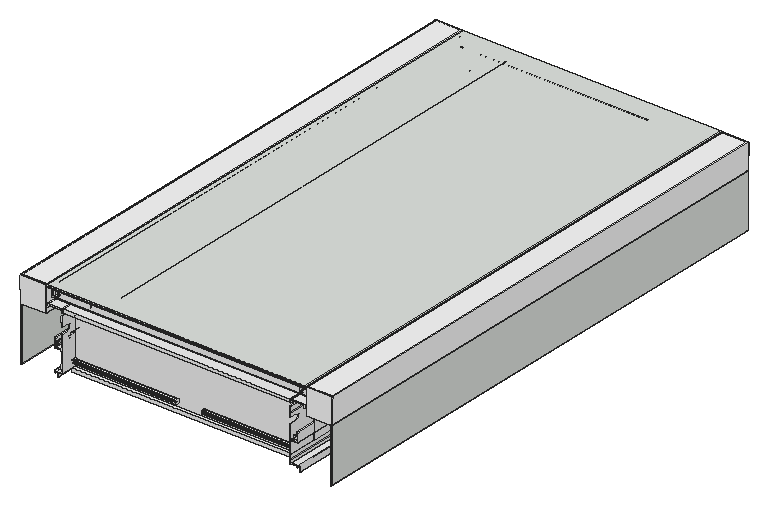
Revit family "Furniture-Lighted_Mirror_Cabinet-KOHLER-Verdera-K-26381T_1", category Lighting Fixtures, host Face, Revit 2021 (continued)
Definition of nested family "K-26381T"
  Lines and regions (in)
    Masking region 3
      outline origin (-15.75591, -180, 2.25239) x (-1, 0, 0) y (0, -1, 0)
        loop
          arc (-19.72333, -195.74803) -> (-19.70586, -195.73923) -> (-19.69882, -195.72098) r 0.02718
          line (-19.69882, -195.72098) -> (-19.69882, -195.68898) -> (-19.69291, -195.74803) -> (-19.49606, -195.74803) -> (-19.49606, -195.80709) -> (-4.13903, -195.80709) -> (-4.13903, -195.74803) -> (-3.94488, -195.74803) -> (-3.93898, -195.68898) -> (-3.93898, -195.72098)
          arc (-3.93898, -195.72098) -> (-3.93194, -195.73923) -> (-3.91447, -195.74803) r 0.02718
          line (-3.91447, -195.74803) -> (-2.40945, -195.74803)
          arc (-2.40945, -195.74803) -> (-2.38161, -195.7365) -> (-2.37008, -195.70866) r 0.03937
    symbolic lines, detail levels medium+fine
      curve 1: line (3.99084, 0, 4.88764) -> (5.45921, 0, 4.8878)
      curve 2: line (3.98926, 0, 4.91535) -> (5.45832, 0, 4.91535)
      curve 3: line (5.47833, 0, 4.86868) -> (5.47835, 0, 3.4092)
      curve 4: line (5.50591, 0, 4.86777) -> (5.50591, 0, 3.40051)
      curve 5: arc (5.45832, 0, 4.91535) -> (5.49197, 0, 4.90142) -> (5.50591, 0, 4.86777) r 0.04758
      curve 6: arc (5.45921, 0, 4.8878) -> (5.47273, 0, 4.8822) -> (5.47833, 0, 4.86868) r 0.01912
      curve 7: arc (3.98926, 0, 4.91535) -> (3.952, 0, 4.89736) -> (3.94291, 0, 4.85699) r 0.04758
      curve 8: arc (3.99084, 0, 4.88764) -> (3.97852, 0, 4.88506) -> (3.97047, 0, 4.87539) r 0.01912
      curve 9: line (3.99084, 0, 3.38065) -> (5.44963, 0, 3.38049)
      curve 10: line (3.98926, 0, 3.35293) -> (5.45832, 0, 3.35293)
      curve 11: arc (5.45832, 0, 3.35293) -> (5.49197, 0, 3.36687) -> (5.50591, 0, 3.40051) r 0.04758
      curve 12: arc (3.98926, 0, 3.35293) -> (3.95561, 0, 3.36687) -> (3.94168, 0, 3.40051) r 0.04758
      curve 13: arc (3.99084, 0, 3.38065) -> (3.97854, 0, 3.38321) -> (3.97049, 0, 3.39284) r 0.01912
      curve 14: line (3.97638, 0, 3.3466) -> (5.03543, 0, 3.3466)
      curve 15: line (4.51373, 0, 3.26786) -> (4.39893, 0, 3.26786)
      curve 16: line (4.56693, 0, 3.26786) -> (4.88189, 0, 3.26786)
      curve 17: line (4.96063, 0, 3.26786) -> (4.96063, 0, 3.3466)
      curve 18: line (4.96063, 0, 3.26786) -> (4.91231, 0, 3.26786)
      curve 19: arc (5.03543, 0, 3.31362) -> (5.0015, 0, 3.33727) -> (4.96063, 0, 3.33089) r 0.05551
      curve 20: arc (4.85226, 0, 3.26786) -> (4.79468, 0, 3.22797) -> (4.7371, 0, 3.26786) r 0.0615
      curve 21: arc (4.70918, 0, 3.26786) -> (4.65199, 0, 3.22633) -> (4.59479, 0, 3.26786) r 0.06015
      curve 22: line (4.85679, 0, 3.22062) -> (4.59149, 0, 3.22062)
      curve 23: line (4.87008, 0, 3.26786) -> (4.87008, 0, 3.23391)
      curve 24: line (4.57818, 0, 3.26786) -> (4.57818, 0, 3.23393)
      curve 25: arc (4.87008, 0, 3.23391) -> (4.86619, 0, 3.22451) -> (4.85679, 0, 3.22062) r 0.01329
      curve 26: arc (4.57818, 0, 3.23393) -> (4.58208, 0, 3.22452) -> (4.59149, 0, 3.22062) r 0.01331
      curve 27: arc (5.47835, 0, 3.4092) -> (5.46994, 0, 3.3889) -> (5.44963, 0, 3.38049) r 0.02871
      curve 28: line (5.43307, 0, 3.3466) -> (5.47244, 0, 3.34661)
      curve 29: line (5.47244, 0, 0.11811) -> (5.47244, 0, 3.30709)
      curve 30: line (5.43307, 0, 0.11811) -> (5.43307, 0, 3.30709)
      curve 31: line (5.47244, 0, 3.30709) -> (5.43307, 0, 3.30709)
      curve 32: line (5.43307, 0, 3.30709) -> (5.42472, 0, 3.33825)
      curve 33: line (5.47244, 0, 3.30709) -> (5.48299, 0, 3.33606)
      curve 34: line (5.47244, 0, 0.11811) -> (5.43307, 0, 0.11811)
      curve 35: line (5.47244, 0, 0.11811) -> (5.48073, 0, 0.08718)
      curve 36: line (5.43307, 0, 0.11811) -> (5.42719, 0, 0.08477)
      curve 37: line (3.93701, 0, 3.91747) -> (3.93701, 0, 3.75999)
      curve 38: line (3.97049, 0, 3.4008) -> (3.97047, 0, 4.87539)
      curve 39: arc (3.99137, 0, 3.37992) -> (3.97661, 0, 3.38604) -> (3.97049, 0, 3.4008) r 0.02088
      curve 40: arc (3.83858, 0, 4.76362) -> (3.77492, 0, 4.48803) -> (3.83858, 0, 4.21244) r 0.62834
      curve 41: arc (3.75857, 0, 4.66519) -> (3.7293, 0, 4.41097) -> (3.82392, 0, 4.17321) r 0.52391
      curve 42: line (2.36811, 0, 4.70456) -> (3.81341, 0, 4.70456)
      curve 43: arc (3.82392, 0, 4.17321) -> (3.83372, 0, 4.18667) -> (3.83858, 0, 4.20259) r 0.05015
      curve 44: circle (3.43905, 0, 4.4282) r 0.1578 normal (0, -1, 0)
      curve 45: circle (3.43896, 0, 4.42976) r 0.07874 normal (0, -1, 0)
      curve 46: arc (3.4792, 0, 4.47136) -> (3.38041, 0, 4.42906) -> (3.4792, 0, 4.38676) r 0.05845
      curve 47: arc (3.50697, 0, 4.46944) -> (3.49273, 0, 4.46539) -> (3.4792, 0, 4.47136) r 0.02181
      curve 48: arc (3.4792, 0, 4.38676) -> (3.49277, 0, 4.39357) -> (3.50784, 0, 4.39163) r 0.02599
      curve 49: line (-11.75197, 0, 4.88976) -> (3.87795, 0, 4.88976)
      curve 50: line (3.87795, 0, 4.83465) -> (-11.75197, 0, 4.83465)
      curve 51: line (2.32874, 0, 4.7833) -> (2.32874, 0, 4.19275)
      curve 52: arc (2.34843, 0, 4.80299) -> (2.33451, 0, 4.79722) -> (2.32874, 0, 4.7833) r 0.01969
      curve 53: line (2.32283, 0, 4.17307) -> (2.32283, 0, 4.80328)
      curve 54: line (2.3622, 0, 4.21244) -> (2.3622, 0, 4.70456)
      curve 55: arc (2.32874, 0, 4.73182) -> (2.34417, 0, 4.71204) -> (2.36811, 0, 4.70456) r 0.04206
      curve 56: circle (2.02415, 0, 4.4282) r 0.1578 normal (0, -1, 0)
      curve 57: circle (2.02406, 0, 4.42976) r 0.07874 normal (0, -1, 0)
      curve 58: arc (2.02033, 0, 4.4874) -> (1.98163, 0, 4.38876) -> (2.08205, 0, 4.42255) r 0.05845
      curve 59: arc (2.03947, 0, 4.50698) -> (2.03367, 0, 4.49351) -> (2.02033, 0, 4.4874) r 0.02043
      curve 60: arc (2.08205, 0, 4.42255) -> (2.08768, 0, 4.439) -> (2.09973, 0, 4.45153) r 0.04018
      curve 61: line (2.3622, 0, 4.21244) -> (3.79818, 0, 4.21244)
      curve 62: line (2.3622, 0, 4.21244) -> (2.34724, 0, 4.17321)
      curve 63: line (2.32283, 0, 4.1811) -> (-11.7126, 0, 4.1811)
      curve 64: line (2.32283, 0, 4.73228) -> (-11.7126, 0, 4.73228)
      curve 65: line (2.32283, 0, 4.7126) -> (-11.7126, 0, 4.7126)
      curve 66: line (-11.7126, 0, 4.67323) -> (2.32283, 0, 4.67323)
      curve 67: line (-10.82677, 0, 3.91732) -> (2.95276, 0, 3.91732)
      curve 68: line (-10.82677, 0, 3.75984) -> (2.95276, 0, 3.75984)
      curve 69: line (-10.82677, 0, 3.74016) -> (3.01575, 0, 3.74016)
      curve 70: line (3.01575, 0, 3.77953) -> (2.95276, 0, 3.77953)
      curve 71: arc (2.95276, 0, 3.91732) -> (2.95851, 0, 3.93129) -> (2.97244, 0, 3.93716) r 0.01983
      curve 72: line (2.95276, 0, 3.70094) -> (2.95276, 0, 3.91732)
      curve 73: line (3.01575, 0, 3.70094) -> (-10.82677, 0, 3.70094)
      curve 74: line (3.74016, 0, 3.6378) -> (-11.61417, 0, 3.6378)
      curve 75: line (3.74016, 0, 0.29528) -> (-11.61417, 0, 0.29528)
      curve 76: line (3.4252, 0, 0.23637) -> (3.3622, 0, 0.23641)
      curve 77: arc (3.37695, 0, 1.9685) -> (3.28822, 0, 2.05723) -> (3.19949, 0, 1.9685) r 0.08873
      curve 78: arc (3.19949, 0, 1.9685) -> (3.28822, 0, 1.87977) -> (3.37695, 0, 1.9685) r 0.08873
      curve 79: line (3.74016, 0, 3.26786) -> (3.74016, 0, 3.3466)
      curve 80: line (3.94291, 0, 4.85699) -> (3.9429, 0, 3.39857)
      curve 81: line (-11.86473, 0, 4.88764) -> (-13.33322, 0, 4.8878)
      curve 82: line (-11.86328, 0, 4.91535) -> (-13.33234, 0, 4.91535)
      curve 83: line (-13.35234, 0, 4.86868) -> (-13.35236, 0, 3.4092)
      curve 84: line (-13.37992, 0, 4.86777) -> (-13.37992, 0, 3.40051)
      curve 85: arc (-13.33234, 0, 4.91535) -> (-13.36598, 0, 4.90142) -> (-13.37992, 0, 4.86777) r 0.04758
      curve 86: arc (-11.86328, 0, 4.91535) -> (-11.82601, 0, 4.89736) -> (-11.81693, 0, 4.85699) r 0.04758
      curve 87: line (-11.85993, 0, 3.38065) -> (-13.32365, 0, 3.38049)
      curve 88: line (-11.86328, 0, 3.35293) -> (-13.33234, 0, 3.35293)
      curve 89: arc (-13.33234, 0, 3.35293) -> (-13.36598, 0, 3.36687) -> (-13.37992, 0, 3.40051) r 0.04758
      curve 90: arc (-11.86328, 0, 3.35293) -> (-11.82963, 0, 3.36687) -> (-11.81569, 0, 3.40051) r 0.04758
      curve 91: line (-11.85039, 0, 3.3466) -> (-12.90945, 0, 3.3466)
      curve 92: line (-12.38775, 0, 3.26786) -> (-12.27294, 0, 3.26786)
      curve 93: line (-12.44094, 0, 3.26786) -> (-12.75591, 0, 3.26786)
      curve 94: line (-12.83465, 0, 3.26786) -> (-12.83465, 0, 3.3466)
      curve 95: line (-12.83465, 0, 3.26786) -> (-12.78632, 0, 3.26786)
      curve 96: arc (-12.90945, 0, 3.31362) -> (-12.87551, 0, 3.33727) -> (-12.83465, 0, 3.33089) r 0.05551
      curve 97: arc (-12.72628, 0, 3.26786) -> (-12.6687, 0, 3.22797) -> (-12.61111, 0, 3.26786) r 0.0615
      curve 98: arc (-12.5832, 0, 3.26786) -> (-12.526, 0, 3.22633) -> (-12.46881, 0, 3.26786) r 0.06015
      curve 99: arc (-13.35236, 0, 3.4092) -> (-13.34395, 0, 3.3889) -> (-13.32365, 0, 3.38049) r 0.02871
      curve 100: line (-13.30709, 0, 3.3466) -> (-13.34646, 0, 3.34661)
      curve 101: line (-13.34646, 0, 0.11811) -> (-13.34646, 0, 3.30709)
      curve 102: line (-13.30709, 0, 0.11811) -> (-13.30709, 0, 3.30709)
      curve 103: line (-13.34646, 0, 3.30709) -> (-13.30709, 0, 3.30709)
      curve 104: line (-13.30709, 0, 3.30709) -> (-13.29874, 0, 3.33825)
      curve 105: line (-13.34646, 0, 3.30709) -> (-13.357, 0, 3.33606)
      curve 106: line (-13.34646, 0, 0.11811) -> (-13.30709, 0, 0.11811)
      curve 107: line (-13.34646, 0, 0.11811) -> (-13.35475, 0, 0.08718)
      curve 108: line (-13.30709, 0, 0.11811) -> (-13.30121, 0, 0.08477)
      curve 109: line (-11.81102, 0, 3.91747) -> (-11.81102, 0, 3.75999)
      curve 110: line (-11.84451, 0, 3.4008) -> (-11.84449, 0, 4.86739)
      curve 111: arc (-11.85993, 0, 3.38065) -> (-11.8488, 0, 3.38811) -> (-11.84451, 0, 3.4008) r 0.02088
      curve 112: circle (-11.31921, 0, 4.4307) r 0.1578 normal (0, 1, 0)
      curve 113: circle (-11.31912, 0, 4.43226) r 0.07874 normal (0, 1, 0)
      curve 114: arc (-11.35936, 0, 4.47386) -> (-11.26058, 0, 4.43156) -> (-11.35936, 0, 4.38926) r 0.05845
      curve 115: arc (-11.35936, 0, 4.38926) -> (-11.37294, 0, 4.39607) -> (-11.38801, 0, 4.39413) r 0.02599
      curve 116: line (-10.6922, 0, 3.93701) -> (-10.1183, 0, 3.93701)
      curve 117: line (-10.88976, 0, 3.77953) -> (-10.82677, 0, 3.77953)
      curve 118: line (-10.88976, 0, 3.74016) -> (-10.82677, 0, 3.74016)
      curve 119: arc (-10.82677, 0, 3.91732) -> (-10.83175, 0, 3.93046) -> (-10.84418, 0, 3.93701) r 0.01983
      curve 120: line (-10.82677, 0, 3.70094) -> (-10.82677, 0, 3.91732)
      curve 121: line (-11.29921, 0, 0.23637) -> (-11.23622, 0, 0.23641)
      curve 122: arc (-11.25096, 0, 1.9685) -> (-11.16224, 0, 2.05723) -> (-11.07351, 0, 1.9685) r 0.08873
      curve 123: arc (-11.07351, 0, 1.9685) -> (-11.16224, 0, 1.87977) -> (-11.25096, 0, 1.9685) r 0.08873
      curve 124: line (-11.61417, 0, 3.26786) -> (-11.61417, 0, 3.3466)
      curve 125: line (-11.81693, 0, 4.85699) -> (-11.81692, 0, 3.39857)
      curve 126: arc (-11.84449, 0, 4.86739) -> (-11.85042, 0, 4.88171) -> (-11.86473, 0, 4.88764) r 0.02024
      curve 127: arc (-11.38572, 0, 4.47427) -> (-11.37262, 0, 4.46867) -> (-11.35936, 0, 4.47386) r 0.0188
      curve 128: line (-9.95831, 0, 4.0777) -> (-11.51928, 0, 4.0777)
      curve 129: line (-10.71394, 0, 4.04109) -> (-10.71394, 0, 4.0777)
      curve 130: line (-10.09572, 0, 3.95959) -> (-10.66962, 0, 3.95959)
      curve 131: line (-11.51928, 0, 4.05801) -> (-11.51928, 0, 4.0777)
      curve 132: line (-11.7126, 0, 4.63386) -> (2.32283, 0, 4.63386)
      curve 133: line (0, -15.51181, 0.07889) -> (0, 15.51182, 0.07889)
      curve 134: line (0, 15.68899, 4.92141) -> (0, 15.68899, 3.3466)
      curve 135: line (0, 15.74804, 3.3466) -> (0, -15.74802, 3.3466)
      curve 136: line (0, 15.70867, 3.30723) -> (0, -15.70865, 3.30723)
      curve 137: line (0, 15.70867, 0.11826) -> (0, 15.70867, 3.30723)
      curve 138: line (0, 15.70867, 0.11826) -> (0, -15.70865, 0.11826)
      curve 139: line (0, -15.70865, 3.30723) -> (0, -15.70865, 0.11826)
      curve 140: line (0, -15.68897, 4.92141) -> (0, -15.68897, 3.3466)
      curve 141: line (0, -15.72046, 3.35251) -> (0, -15.68897, 3.35251)
      curve 142: line (0, -15.72834, 3.32692) -> (0, -15.70865, 3.30723)
      curve 143: line (0, -15.68897, 4.9155) -> (0, -15.72046, 4.9155)
      curve 144: line (0, -15.72046, 4.9155) -> (0, -15.72046, 3.35251)
      curve 145: line (0, -15.68897, 4.88204) -> (0, 15.68899, 4.88204)
      curve 146: arc (0, -15.74802, 3.38078) -> (0, -15.74021, 3.36084) -> (0, -15.72046, 3.35251) r 0.02757
      curve 147: line (0, -15.70865, 3.3466) -> (0, -15.74802, 3.30723)
      curve 148: line (0, -15.71653, 3.33873) -> (0, -15.74802, 3.33873)
      curve 149: line (0, 15.51182, 0.01983) -> (0, -15.5118, 0.01983)
      curve 150: line (0, 15.72048, 3.35251) -> (0, 15.68899, 3.35251)
      curve 151: arc (0, 15.74804, 3.38184) -> (0, 15.7406, 3.36121) -> (0, 15.72048, 3.35251) r 0.02761
      curve 152: line (0, -15.70865, 0.11826) -> (0, -15.71831, 0.08854)
      curve 153: line (0, 15.70867, 0.11826) -> (0, 15.71699, 0.08721)
      curve 154: line (0, 15.70867, 3.30723) -> (0, 15.73972, 3.31555)
      curve 155: line (0, 15.70867, 3.3466) -> (0, 15.74804, 3.30723)
      curve 156: line (0, -15.68897, 3.38597) -> (0, 15.68899, 3.38597)
      curve 157: arc (0, -15.72046, 4.9155) -> (0, -15.73927, 4.90812) -> (0, -15.74802, 4.88991) r 0.02763
      curve 158: line (0, 15.72048, 4.9155) -> (0, 15.72048, 3.35251)
      curve 159: line (0, 15.68899, 4.9155) -> (0, 15.72048, 4.9155)
      curve 160: arc (0, 15.72048, 4.9155) -> (0, 15.73929, 4.90812) -> (0, 15.74804, 4.88991) r 0.02763
      curve 161: arc (-13.33322, 0, 4.8878) -> (-13.34674, 0, 4.8822) -> (-13.35234, 0, 4.86868) r 0.01912
      curve 162: line (-12.74409, 0, 3.26786) -> (-12.74409, 0, 3.23169)
      curve 163: line (-12.4661, 0, 3.22062) -> (-12.73302, 0, 3.22062)
      curve 164: line (-12.45377, 0, 3.26786) -> (-12.45377, 0, 3.23295)
      curve 165: arc (-12.74409, 0, 3.23169) -> (-12.74085, 0, 3.22386) -> (-12.73302, 0, 3.22062) r 0.01107
      curve 166: arc (-12.45377, 0, 3.23295) -> (-12.45738, 0, 3.22423) -> (-12.4661, 0, 3.22062) r 0.01233
      curve 167: line (-11.72047, 15.71654, 2.25239) -> (3.84646, 15.71654, 2.25239)
      curve 168: line (3.84646, -15.71654, 2.25239) -> (-11.72047, -15.71654, 2.25239)
      curve 169: line (-11.75197, -15.74803, 2.25239) -> (-11.72047, -15.71654, 2.25239)
      curve 170: line (-11.72047, -15.71654, 2.25239) -> (-11.72047, 15.71654, 2.25239)
      curve 171: line (-11.75197, 15.74803, 2.25239) -> (-11.75197, -15.74803, 2.25239)
      curve 172: line (-13.38583, -15.68898, 2.25239) -> (-11.81102, -15.68898, 2.25239)
      curve 173: line (-13.37991, -15.71982, 2.25239) -> (-13.37991, -15.68898, 2.25239)
      curve 174: line (-11.81102, -15.68898, 2.25239) -> (-11.81102, 15.74803, 2.25239)
      curve 175: line (-11.81102, 15.68898, 2.25239) -> (-13.38583, 15.68898, 2.25239)
      curve 176: line (-11.75197, 15.74803, 2.25239) -> (-11.72047, 15.71654, 2.25239)
      curve 177: line (-11.81693, -15.71982, 2.25239) -> (-11.81693, -15.68898, 2.25239)
      curve 178: line (-13.33268, 15.68898, 2.25239) -> (-13.33268, 15.74803, 2.25239)
      curve 179: line (-13.37991, 15.72047, 2.25239) -> (-11.81693, 15.72047, 2.25239)
      curve 180: line (-13.37991, 15.68898, 2.25239) -> (-13.37991, 15.72047, 2.25239)
      curve 181: arc (-13.37991, 15.72047, 2.25239) -> (-13.37847, 15.72896, 2.25239) -> (-13.3743, 15.7365, 2.25239) r 0.02569
      curve 182: line (-11.86417, 15.74803, 2.25239) -> (-11.86417, 15.68898, 2.25239)
      curve 183: line (-11.79134, -15.74803, 2.25239) -> (-11.79134, 15.74803, 2.25239)
      curve 184: arc (-11.84204, -15.74803, 2.25239) -> (-11.82412, -15.7387, 2.25239) -> (-11.81693, -15.71982, 2.25239) r 0.02841
      curve 185: line (-11.86417, -15.68898, 2.25239) -> (-11.86417, -15.74803, 2.25239)
      curve 186: line (-11.81693, -15.71982, 2.25239) -> (-13.37991, -15.71982, 2.25239)
      curve 187: arc (-13.35137, -15.74803, 2.25239) -> (-13.37153, -15.73988, 2.25239) -> (-13.37991, -15.71982, 2.25239) r 0.02822
      curve 188: line (-13.33274, -15.74803, 2.25239) -> (-13.33274, -15.68898, 2.25239)
      curve 189: line (-13.34646, -15.68898, 2.25239) -> (-13.34646, 15.68898, 2.25239)
      curve 190: line (-11.85039, -15.68898, 2.25239) -> (-11.85039, 15.68898, 2.25239)
      curve 191: line (3.87795, -15.74803, 2.25239) -> (3.84646, -15.71654, 2.25239)
      curve 192: line (3.84646, -15.71654, 2.25239) -> (3.84646, 15.71654, 2.25239)
      curve 193: line (3.87795, 15.74803, 2.25239) -> (3.87795, -15.74803, 2.25239)
      curve 194: line (5.51181, -15.68898, 2.25239) -> (3.93701, -15.68898, 2.25239)
      curve 195: line (5.50589, -15.71982, 2.25239) -> (5.50589, -15.68898, 2.25239)
      curve 196: line (3.93701, -15.68898, 2.25239) -> (3.93701, 15.74803, 2.25239)
      curve 197: line (3.93701, 15.68898, 2.25239) -> (5.51181, 15.68898, 2.25239)
      curve 198: line (3.87795, 15.74803, 2.25239) -> (3.84646, 15.71654, 2.25239)
      curve 199: line (3.94291, -15.71982, 2.25239) -> (3.94291, -15.68898, 2.25239)
      curve 200: line (5.45866, 15.68898, 2.25239) -> (5.45866, 15.74803, 2.25239)
      curve 201: line (5.50589, 15.72047, 2.25239) -> (3.94292, 15.72047, 2.25239)
      curve 202: line (5.50589, 15.68898, 2.25239) -> (5.50589, 15.72047, 2.25239)
      curve 203: line (3.99016, 15.74803, 2.25239) -> (3.99016, 15.68898, 2.25239)
      curve 204: line (3.91732, -15.74803, 2.25239) -> (3.91732, 15.74803, 2.25239)
      curve 205: arc (3.96802, -15.74803, 2.25239) -> (3.9501, -15.7387, 2.25239) -> (3.94291, -15.71982, 2.25239) r 0.02841
      curve 206: line (3.99016, -15.68898, 2.25239) -> (3.99016, -15.74803, 2.25239)
      curve 207: line (3.94291, -15.71982, 2.25239) -> (5.50589, -15.71982, 2.25239)
      curve 208: arc (5.47736, -15.74803, 2.25239) -> (5.49752, -15.73988, 2.25239) -> (5.50589, -15.71982, 2.25239) r 0.02822
      curve 209: line (5.45872, -15.74803, 2.25239) -> (5.45872, -15.68898, 2.25239)
      curve 210: line (5.47244, -15.68898, 2.25239) -> (5.47244, 15.68898, 2.25239)
      curve 211: line (3.97638, -15.68898, 2.25239) -> (3.97638, 15.68898, 2.25239)
      curve 212: arc (5.50589, 15.72047, 2.25239) -> (5.50445, 15.72896, 2.25239) -> (5.50028, 15.7365, 2.25239) r 0.02569
      curve 213: line (-11.61687, 15.74803, 2.25239) -> (3.74016, 15.74803, 2.25239)
      curve 214: line (3.80873, 0, 4.8033) -> (-11.72031, 0, 4.80314)
      curve 215: line (-11.7126, 0, 4.77004) -> (-11.7126, 0, 4.80314)
      curve 216: arc (2.32283, 0, 4.19306) -> (2.33055, 0, 4.17762) -> (2.34724, 0, 4.17321) r 0.02095
      curve 217: arc (2.32874, 0, 4.19275) -> (2.3341, 0, 4.1793) -> (2.34724, 0, 4.17321) r 0.01957
      curve 218: line (-9.95831, 0, 4.17321) -> (-11.53889, 0, 4.17338)
      curve 219: line (-3.93701, 15.74803, 0.23622) -> (-3.93701, 15.74803, 3.70079)
      curve 220: line (-10.58093, 0, 4.0777) -> (-10.58093, 0, 3.95959)
      curve 221: line (-10.00528, 0, 4.0777) -> (-10.00528, 0, 3.95959)
      curve 222: arc (3.80873, 0, 4.8033) -> (3.7841, 0, 4.73408) -> (3.75857, 0, 4.66519) r 5.64523
  Dimensions and locks (in)
    plane 8 to plane 7 = 18.89764"
    plane 7 to plane 3 "Center (Left/Right)" = 9.44882"
    plane 7 to plane 8 = 18.89764"
    plane 11 to plane 12 = 17.31681"
    plane 9 to plane 4 = 31.55512"
    plane 6 to plane 10 = 1.57466"
    plane 10 to level = 3.3466"
    plane 15 to plane 14 = 15.62992"
    aligned and locked: plane 2 to level
